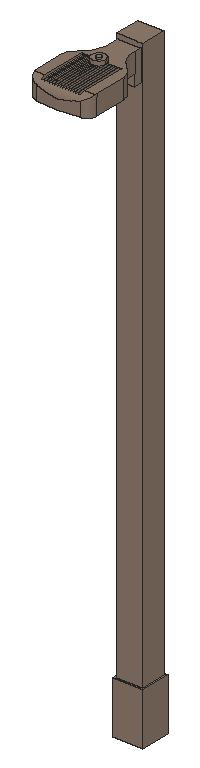
Revit family "AIRO", category Lighting Fixtures, host Face, Revit 2013
Parameters (values of type "ASL-Dark Bronze")
  Watts = 123 W
  Wattage = 123 W
  built-in parameter 1150110 = 1 (stored number, unit not read)
  Voltage = 120 V
  Wattage Comments = "62-225 W"
  URL = "http://www.hubbelloutdoor.com/"
  built-in parameter 1114217 = 1 (stored number, unit not read)
  Tilt Angle = 90.00°
  built-in parameter 1150109 = 1 (stored number, unit not read)
  built-in parameter 1150134 = (empty or 0)
  built-in parameter 1150113 = 1 (stored number, unit not read)
  Row Length = 22.400"
  Product Page URL = "http://www.hubbelloutdoor.com/products/asl_roadway"
  Product Documentation Link = "http://cdn.hubbelloutdoor.com/content/products/specs/specs_files/Airo_ho_spec_sheet.pdf"
  Power Factor = 1
  Pole Height = 120.000"
  Photometric Web File = "ASL-16L-3K-210-2.IES"
  Photometric Link = "http://www.hubbelloutdoor.com/products/asl_roadway"
  Model = "AIRO"  # constant formula
  Manufacturer Phone = "864-678-1000"  # constant formula
  Manufacturer Fax = "866-898-1065"  # constant formula
  Manufacturer = "Hubbell Outdoor Lighting"  # constant formula
  built-in parameter 1150105 = 1453.9 (stored number, unit not read)
  Lumens = 18270.7 lm
  built-in parameter 1150115 = 1 (stored number, unit not read)
  Load Classification = Lighting
  built-in parameter 1150137 = (empty or 0)
  built-in parameter 1150139 = (empty or 0)
  built-in parameter 1150112 = 1 (stored number, unit not read)
  built-in parameter 1150114 = 1 (stored number, unit not read)
  Lamp = "LED Lamp"
  built-in parameter 1150132 = (empty or 0)
  built-in parameter 1150102 = (empty or 0)
  built-in parameter 1150107 = 3000 (stored number, unit not read)
  built-in parameter 1150138 = (empty or 0)
  built-in parameter 1150106 = 14.539 (stored number, unit not read)
  Glass = Hubbell-White Glass
  Emit from Rectangle Width = 8.000"
  Emit from Rectangle Length = 6.000"
  Emit Shape Visible in Rendering = no
  built-in parameter 1150104 = 13.8 (stored number, unit not read)
  Dimming Lamp Color Temperature Shift = <None>
  Description = "Airo Roadway Luminaire"  # constant formula
  Default Elevation = 48.000"
  Color Filter = 16777215
  Types = AIRO Retrofit : ASL-8L
  built-in parameter 1114218 = 1 (stored number, unit not read)
  Backbox = Hubbell-Dark Bronze
  built-in parameter 1150133 = 10 (stored number, unit not read)
  Apparent Load = Watts / Power Factor  # 123 VA
Types (6): name | Emit from Rectangle Width | Emit from Rectangle Length | Types | Backbox
  (no name) | 8.000" | 6.000" | AIRO Retrofit : ASL-8L | Hubbell-Dark Bronze
  ASL-Gray | 24.000" | 48.000" | AIRO Retrofit : ASL-16L | Hubbell- Gray
  ASL-Black | 24.000" | 48.000" | AIRO Retrofit : ASL-16L | Hubbell-Black
  ASL-Dark Bronze | 8.000" | 6.000" | AIRO Retrofit : ASL-8L | Hubbell-Dark Bronze
  ASL-White | 24.000" | 48.000" | AIRO Retrofit : ASL-16L | Hubbell-White
  ASL-Platinum Smooth | 24.000" | 48.000" | AIRO Retrofit : ASL-16L | Hubbell- Platinum Smooth
Reference planes (in)
  plane 1 "Center (Front/Back)": y = 0.03999
  plane 2: z = 0
  plane 3 "Center (Left/Right)": x = 1.66944
  plane 4: z = 10
  plane 5: x = 4.16944
  plane 6: x = -0.83056
  plane 7: y = -2.46001
  plane 8: y = 2.53999
  plane 9: z = 120
  plane 10: z = 115.55
Forms (in)
  Extrusion 1, solid, material "Hubbell-Dark Bronze" <- "Backbox"
    sketch origin (20.6, 28.4, 0) x (1, 0, 0) y (0, 1, 0)
      loop
        line (-16.43056, -30.86001) -> (-16.43056, -25.86001) -> (-21.43056, -25.86001) -> (-21.43056, -30.86001) -> (-16.43056, -30.86001)
    from 10 to 120
  Extrusion 2, solid, material "Hubbell-Dark Bronze" <- "Backbox"
    sketch origin (0, 0, 0) x (1, 0, 0) y (0, 1, 0)
      loop
        line (-1.23056, 2.93999) -> (-1.23056, -2.86001) -> (4.56944, -2.86001) -> (4.56944, 2.93999) -> (-1.23056, 2.93999)
    from 0 to 10
Cuts and joins
  joined: Extrusion 1, Extrusion 2
Lines and regions (in)
  reference lines
    curve 1: line (1.66944, -15.32334, 126.11683) -> (1.66944, -15.32334, 111.11683)
Dimensions and locks (in)
  locked: plane 6 to plane 5 at 5
  plane 6 to plane 3 "Center (Left/Right)" to plane 5 = 2.500" locked, 2.500" locked
  plane 8 to plane 1 "Center (Front/Back)" to plane 7 = 2.500" locked, 2.500" locked
  "Pole Height": plane 9 to plane 2
  Extrusion 2 sketch curve to plane 3 "Center (Left/Right)" to Extrusion 2 sketch curve = 2.900" locked, 2.900" locked
  Extrusion 2 sketch curve to plane 1 "Center (Front/Back)" to Extrusion 2 sketch curve = 2.900" locked, 2.900" locked
  locked: plane 4 to host face at 10
  curve 1 to nested 1 = 4.38666"
  locked: plane 9 to plane 10 at 4.45
  aligned and locked: plane 2 to host face
  aligned and locked: level to host face
  aligned and locked: plane 5 to Extrusion 1
  aligned and locked: plane 6 to Extrusion 1
  aligned and locked: plane 7 to Extrusion 1
  aligned and locked: plane 8 to Extrusion 1
  aligned and locked: plane 9 to Extrusion 1
  aligned and locked: plane 9 to nested 1
  aligned and locked: Extrusion 1 to Extrusion 2
  aligned and locked: plane 4 to Extrusion 2
  aligned and locked: plane 10 to imposter light
  aligned and locked: imposter light to curve 1
  aligned and locked: plane 3 "Center (Left/Right)" to imposter light
Automatic sketch dimensions
  host sketch curve to host sketch curve = 96.000"  (x2)
  Extrusion 1 sketch curve to plane 6 = 0.000"
  plane 5 to Extrusion 1 sketch curve = 0.000"
  plane 7 to Extrusion 1 sketch curve = 0.000"
  Extrusion 1 sketch curve to plane 8 = 0.000"
  curve 1 to plane 10 = 4.43317"
  curve 1 to plane 7 = 12.86334"
  plane 9 to curve 1 = 6.11683"
Nested families (in)
  nested 1: "AIRO Retrofit" at (3.71711, -2.46001, 115.41001) x (1, 0, 0) z (0, -1, 0), type <- "Types", type "ASL-8L"
Connectors (in)
  electrical at (1.66944, -3.98501, 114.322), driven by "Voltage", driven by "Apparent Load", driven by "Load Classification"
    settings: on nested 1, index 1, voltage 120 V, apparent load 123 VA, apparent load phase1 0 VA, apparent load phase2 0 VA, apparent load phase3 0 VA, power factor 1, load classification "Lighting", number of poles 1, system type 30, power factor state 1, is connector primary yes, connector utility no, sub classification motor no, connector description "Lighting Connector"
Definition of nested family "AIRO Retrofit"
  Parameters (values of type "ASL-16L")
    Wattage Comments = ""
    URL = ""
    Row Size = 22.400"
    Row Length = 51.810"
    Product Page URL = ""
    Product Documentation Link = ""
    Model = ""
    Manufacturer Phone = ""
    Manufacturer Fax = ""
    Manufacturer = ""
    Lamp = ""
    Glass = Hubbell-White Glass
    Description = ""
    Default Elevation = 48.000"
    Backbox = Hubbell-Dark Bronze
  Types (2): name | Row Size
    ASL-8L | 17.250"
    ASL-16L | 22.400"
  Reference planes (in)
    plane 1 "Center (Front/Back)": y = 0.03999
    plane 2: z = 0
    plane 3 "Center (Left/Right)": x = -2.04767
    plane 4: x = -0.48867
    plane 5: x = -7.89267
    plane 6: x = 3.79733
    plane 7: y = 3.68999
    plane 8: y = -2.21601
    plane 9: z = 22.4
    plane 10: z = 1.525
    plane 11: z = 7.354
    plane 12: x = -3.60667
    plane 13: y = 2.68999
    plane 14: x = 0.12883
    plane 15: x = -4.22417
    plane 16: z = 5.854
    plane 17: y = 2.03999
    plane 18: y = 0.16499
    plane 19: y = 0.28999
    plane 20: y = 4.58999
    plane 21: y = 4.73999
    plane 22: z = 6.74
    plane 23: y = -1.01001
    plane 24: y = -0.86001
    plane 25: z = 21.4
  Forms (in)
    Extrusion 1, solid
      sketch origin (0, 0, 0.06357) x (1, 0, 0) y (0, 1, 0)
        loop
          line (-50.04767, 48) -> (-50.04767, -48) -> (45.95233, -48) -> (45.95233, 48) -> (-50.04767, 48)
      from -0.06357 to -6.06357
    Extrusion 2, solid, material "Hubbell-Dark Bronze" <- "Backbox"
      sketch origin (0, 0, 0) x (1, 0, 0) y (0, 1, 0)
        loop
          line (0.12883, -2.21601) -> (0.12883, 3.68999) -> (-4.22417, 3.68999) -> (-4.22417, -2.21601) -> (0.12883, -2.21601)
      from 0 to 1.525
    Extrusion 3, solid, material "Hubbell-Dark Bronze" <- "Backbox"
      sketch origin (0, 0.03999, 0) x (1, 0, 0) y (0, 0, 1)
        loop
          arc (-7.89267, 8.80662) -> (-7.77916, 8.04712) -> (-7.44856, 7.354) r 2.5977
          arc (-7.44856, 7.354) -> (-6.77078, 6.53178) -> (-5.94856, 5.854) r 5.55875
          line (-5.94856, 5.854) -> (1.85322, 5.854)
          arc (1.85322, 5.854) -> (2.67544, 6.53178) -> (3.35322, 7.354) r 5.55875
          arc (3.35322, 7.354) -> (3.68382, 8.04712) -> (3.79733, 8.80662) r 2.5977
          line (3.79733, 8.80662) -> (3.79733, 20.17114)
          arc (3.79733, 20.17114) -> (3.29307, 21.49883) -> (2.03457, 22.15702) r 2
          arc (2.03457, 22.15702) -> (-2.04767, 22.4) -> (-6.12991, 22.15702) r 34.41402
          arc (-6.12991, 22.15702) -> (-7.38841, 21.49883) -> (-7.89267, 20.17114) r 2
          line (-7.89267, 20.17114) -> (-7.89267, 8.80662)
      from 0 to -3.65
    Extrusion 4, void
      sketch origin (0, 0.03999, 0) x (1, 0, 0) y (0, 0, 1)
        loop
          line (-7.39267, 19.72422) -> (-7.39267, 11) -> (3.29733, 11) -> (3.29733, 19.72422)
          arc (3.29733, 19.72422) -> (2.78381, 21.06227) -> (1.50696, 21.7132) r 2
          arc (1.50696, 21.7132) -> (-2.04767, 21.9) -> (-5.6023, 21.7132) r 33.91402
          arc (-5.6023, 21.7132) -> (-6.87915, 21.06227) -> (-7.39267, 19.72422) r 2
      from 0 to -2
    Extrusion 5, solid, material "Hubbell-Dark Bronze" <- "Backbox"
      sketch origin (0, 0.03999, 0) x (1, 0, 0) y (0, 0, 1)
        loop
          arc (-5.94856, 5.854) -> (-4.64082, 3.86698) -> (-4.22417, 1.525) r 5.89923
          line (-4.22417, 1.525) -> (0.12883, 1.525)
          arc (0.12883, 1.525) -> (0.54548, 3.86698) -> (1.85322, 5.854) r 5.89923
          line (1.85322, 5.854) -> (-5.94856, 5.854)
      from 0 to -3.65
    Extrusion 6, void
      sketch origin (-2.04767, 0, 0) x (0, 1, 0) y (0, 0, 1)
        loop
          line (4.03014, 22.74547) -> (1.78014, 22.74547) -> (1.78014, 22.4)
          arc (1.78014, 22.4) -> (3.13061, 21.84062) -> (3.68999, 20.49015) r 1.90985
          line (3.68999, 20.49015) -> (4.03014, 20.49015) -> (4.03014, 22.74547)
      from -6 to 6
    Extrusion 7, void
      sketch origin (0, 3.68999, 0) x (1, 0, 0) y (0, 0, 1)
        loop
          line (1.76483, 21.4) -> (1.26483, 21.4) -> (1.26483, 6.74) -> (1.76483, 6.74) -> (1.76483, 21.4)
        loop
          line (-5.86017, 6.74) -> (-5.36017, 6.74) -> (-5.36017, 21.4) -> (-5.86017, 21.4) -> (-5.86017, 6.74)
        loop
          line (1.13983, 21.4) -> (0.76483, 21.4) -> (0.76483, 6.74) -> (1.13983, 6.74) -> (1.13983, 21.4)
        loop
          line (0.63983, 21.4) -> (0.26483, 21.4) -> (0.26483, 6.74) -> (0.63983, 6.74) -> (0.63983, 21.4)
        loop
          line (0.13983, 21.4) -> (-0.23517, 21.4) -> (-0.23517, 6.74) -> (0.13983, 6.74) -> (0.13983, 21.4)
        loop
          line (-0.36017, 21.4) -> (-0.73517, 21.4) -> (-0.73517, 6.74) -> (-0.36017, 6.74) -> (-0.36017, 21.4)
        loop
          line (-0.86017, 21.4) -> (-1.23517, 21.4) -> (-1.23517, 6.74) -> (-0.86017, 6.74) -> (-0.86017, 21.4)
        loop
          line (-1.36017, 21.4) -> (-1.73517, 21.4) -> (-1.73517, 6.74) -> (-1.36017, 6.74) -> (-1.36017, 21.4)
        loop
          line (-1.86017, 21.4) -> (-2.23517, 21.4) -> (-2.23517, 6.74) -> (-1.86017, 6.74) -> (-1.86017, 21.4)
        loop
          line (-2.36017, 21.4) -> (-2.73517, 21.4) -> (-2.73517, 6.74) -> (-2.36017, 6.74) -> (-2.36017, 21.4)
        loop
          line (-2.86017, 21.4) -> (-3.23517, 21.4) -> (-3.23517, 6.74) -> (-2.86017, 6.74) -> (-2.86017, 21.4)
        loop
          line (-3.36017, 21.4) -> (-3.73517, 21.4) -> (-3.73517, 6.74) -> (-3.36017, 6.74) -> (-3.36017, 21.4)
        loop
          line (-3.86017, 21.4) -> (-4.23517, 21.4) -> (-4.23517, 6.74) -> (-3.86017, 6.74) -> (-3.86017, 21.4)
        loop
          line (-4.36017, 21.4) -> (-4.73517, 21.4) -> (-4.73517, 6.74) -> (-4.36017, 6.74) -> (-4.36017, 21.4)
        loop
          line (-4.86017, 21.4) -> (-5.23517, 21.4) -> (-5.23517, 6.74) -> (-4.86017, 6.74) -> (-4.86017, 21.4)
      from 0 to 1
    Extrusion 8, solid, material "Hubbell-White Glass" <- "Glass"
      sketch origin (0, 0.16499, 12.96792) x (0, 0, 1) y (1, 0, 0)
        loop
          line (6.7563, 3.29733) -> (-1.96792, 3.29733) -> (-1.96792, -7.39267) -> (6.7563, -7.39267)
          arc (6.7563, -7.39267) -> (8.09435, -6.87915) -> (8.74528, -5.6023) r 2
          arc (8.74528, -5.6023) -> (8.93208, -2.04767) -> (8.74528, 1.50696) r 33.91402
          arc (8.74528, 1.50696) -> (8.09435, 2.78381) -> (6.7563, 3.29733) r 2
      from 0 to 0.125
    Extrusion 9, solid, material "Hubbell-Dark Bronze" <- "Backbox"
      sketch origin (0, 3.68999, 0) x (-1, 0, 0) y (0, 0, 1)
        loop
          circle (2.04767, 7.354) r 1.32
      from 0 to 0.15
    Extrusion 10, solid, material "Hubbell-Dark Bronze" <- "Backbox"
      sketch origin (0, 3.83999, 0) x (-1, 0, 0) y (0, 0, 1)
        loop
          circle (2.04767, 7.354) r 1.281
      from 0 to 0.75
    Extrusion 11, solid, material "Hubbell-Dark Bronze" <- "Backbox"
      sketch origin (0, 4.58999, 0) x (-1, 0, 0) y (0, 0, 1)
        loop
          circle (2.04767, 7.354) r 0.5
      from 0 to 0.15
    Extrusion 12, solid, material "Hubbell-Dark Bronze" <- "Backbox"
      sketch origin (0, 0.03999, -0.614) x (-1, 0, 0) y (0, 0, -1)
        loop
          circle (2.04767, -7.354) r 1.32
      from 0 to 0.15
    Extrusion 13, solid, material "Hubbell-Dark Bronze" <- "Backbox"
      sketch origin (0, -0.11001, -0.614) x (-1, 0, 0) y (0, 0, -1)
        loop
          circle (2.04767, -7.354) r 1.281
      from 0 to 0.75
    Extrusion 14, solid, material "Hubbell-Dark Bronze" <- "Backbox"
      sketch origin (0, -0.86001, -0.614) x (-1, 0, 0) y (0, 0, -1)
        loop
          circle (2.04767, -7.354) r 0.5
      from 0 to 0.15
  Cuts and joins
    Extrusion 4, Extrusion 6, Extrusion 7 cuts Extrusion 3
    Extrusion 6, Extrusion 7 cuts Extrusion 5
    joined: Extrusion 2, Extrusion 3, Extrusion 5, Extrusion 12, Extrusion 13, Extrusion 14
    joined: Extrusion 9, Extrusion 10, Extrusion 11
  Dimensions and locks (in)
    plane 5 to plane 3 "Center (Left/Right)" to plane 6 = 5.845" locked, 5.845" locked
    "Row Size": plane 9 to Extrusion 1
    plane 5 to plane 6 = 11.690"  (x2)
    locked: plane 11 to Extrusion 1 at 7.354
    locked: plane 12 to plane 4 at 3.118
    plane 7 to plane 8 = 5.906"  (x2)
    plane 5 to plane 3 "Center (Left/Right)" to plane 6 = 5.845", 5.845"
    plane 15 to plane 14 = 4.353"
    plane 1 "Center (Front/Back)" to plane 7 = 3.650"
    plane 1 "Center (Front/Back)" to plane 17 = 2.000"
    plane 22 to Extrusion 1 = 6.740"
    locked: plane 7 to cut or joined group 1 (Extrusion 2, Extrusion 3, Extrusion 4, Extrusion 5, Extrusion 6, Extrusion 7, Extrusion 12, Extrusion 13, Extrusion 14) at 3.65
    locked: plane 25 to plane 9 at 1
    aligned and locked: plane 2 to Extrusion 1
    aligned and locked: level to Extrusion 1
    aligned and locked: Extrusion 2 sketch curve to plane 8
    aligned and locked: plane 10 to Extrusion 2
    aligned and locked: Extrusion 3 sketch curve to plane 5
    aligned and locked: plane 16 to Extrusion 3 sketch curve
    aligned and locked: plane 6 to Extrusion 3 sketch curve
    aligned and locked: plane 7 to Extrusion 3
    aligned and locked: plane 17 to Extrusion 4
    aligned and locked: Extrusion 5 sketch curve to cut or joined group 1
    aligned and locked: plane 7 to Extrusion 5
    aligned and locked: Extrusion 5 sketch curve to plane 10
    aligned and locked: Extrusion 2 sketch curve to plane 15
    aligned and locked: Extrusion 2 sketch curve to plane 14
    aligned and locked: cut or joined group 1 to Extrusion 2 sketch curve
    aligned and locked: Extrusion 8 sketch curve to cut or joined group 1  (x5)
    aligned and locked: plane 19 to Extrusion 8
    aligned and locked: plane 20 to Extrusion 10
    aligned and locked: plane 21 to Extrusion 11
    aligned and locked: Extrusion 13 to plane 24
    aligned and locked: Extrusion 14 to plane 23
    aligned and locked: Extrusion 13 to Extrusion 12
    aligned and locked: Extrusion 7 sketch curve to plane 22  (x15)
    aligned and locked: plane 25 to Extrusion 7  (x2)
  Automatic sketch dimensions
    Extrusion 1 sketch curve to Extrusion 1 sketch curve = 96.000"  (x2)
    plane 15 to Extrusion 3 sketch curve = 1.72439"
    plane 11 to Extrusion 3 sketch curve = 1.45262"
    Extrusion 3 sketch curve to plane 11 = 0.000"  (x4)
    Extrusion 3 sketch curve to plane 3 "Center (Left/Right)" = 0.000"
    Extrusion 3 sketch curve to Extrusion 3 sketch curve = 1.94411"
    Extrusion 3 sketch curve to Extrusion 3 sketch curve = 0.44411"
    Extrusion 3 sketch curve to plane 9 = 0.24298"  (x2)
    Extrusion 3 sketch curve to plane 5 = 1.76276"
    Extrusion 3 sketch curve to Extrusion 3 sketch curve = 0.000"
    Extrusion 3 sketch curve to Extrusion 3 sketch curve = 0.23724"
    Extrusion 3 sketch curve to Extrusion 3 sketch curve = 2.5977"
    Extrusion 3 sketch curve to plane 4 = 0.76653"
    plane 14 to Extrusion 3 sketch curve = 1.6685"
    Extrusion 4 sketch curve to plane 5 = 0.500"
    plane 11 to Extrusion 4 sketch curve = 3.646"
    Extrusion 4 sketch curve to plane 3 "Center (Left/Right)" = 0.000"
    plane 6 to Extrusion 4 sketch curve = 0.500"
    Extrusion 4 sketch curve to plane 9 = 0.6868"  (x2)
    plane 15 to Extrusion 4 sketch curve = 1.37813"
    Extrusion 4 sketch curve to Extrusion 4 sketch curve = 0.000"
    Extrusion 4 sketch curve to Extrusion 4 sketch curve = 2.000"
    plane 14 to Extrusion 4 sketch curve = 1.1685"
    plane 15 to Extrusion 5 sketch curve = 0.000"
    Extrusion 5 sketch curve to plane 14 = 0.000"
    Extrusion 5 sketch curve to plane 5 = 1.94411"
    plane 4 to Extrusion 5 sketch curve = 2.34189"
    plane 10 to Extrusion 5 sketch curve = 0.15893"  (x2)
    Extrusion 6 sketch curve to plane 9 = 0.000"
    Extrusion 6 sketch curve to plane 7 = 0.000"
    plane 7 to Extrusion 6 sketch curve = 0.34015"
    Extrusion 6 sketch curve to plane 9 = 1.90985"
    plane 9 to Extrusion 6 sketch curve = 0.34547"
    Extrusion 3 to Extrusion 7 sketch curve = 2.0325"
    Extrusion 3 to Extrusion 7 sketch curve = 2.6575"
    Extrusion 3 to Extrusion 7 sketch curve = 15.546"
    Extrusion 7 sketch curve to Extrusion 7 sketch curve = 0.125"  (x14)
    Extrusion 7 sketch curve to Extrusion 7 sketch curve = 0.375"  (x13)
    Extrusion 7 sketch curve to Extrusion 7 sketch curve = 0.500"
    Extrusion 7 sketch curve to Extrusion 7 sketch curve = 0.000"  (x14)
    Extrusion 9 sketch curve to Extrusion 3 = 1.500"
    Extrusion 9 sketch curve to Extrusion 3 = 5.845"
    Extrusion 12 sketch curve to plane 3 "Center (Left/Right)" = 0.000"
    Extrusion 12 sketch curve to plane 22 = 0.000"
    radius of Extrusion 9 sketch curve = 1.320"
    radius of Extrusion 10 sketch curve to Extrusion 9 = 0.039"
    radius of Extrusion 11 sketch curve to Extrusion 10 = 0.781"
    radius of Extrusion 12 sketch curve = 1.320"
    radius of Extrusion 13 sketch curve to Extrusion 12 = 0.039"
    radius of Extrusion 14 sketch curve to Extrusion 13 = 0.781"
